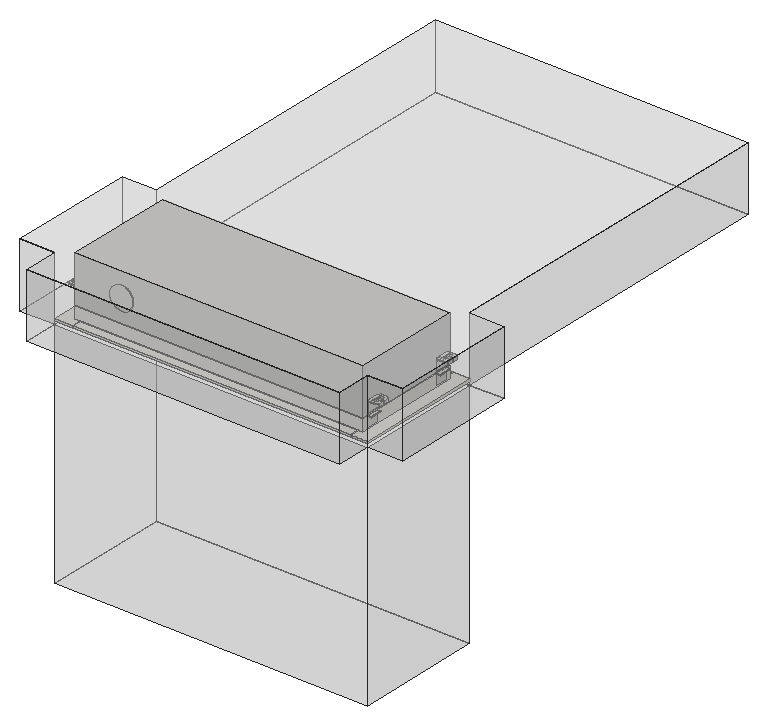
Revit family "outputfile", category 機械設備, Revit 2024
Family settings
  丸型コネクタ寸法 = 半径を使用
  パーツ タイプ = 標準
  OmniClass 番号 = 23.75.10.24.21.27.27
  OmniClass タイトル = Split System Air Conditioning Units
  作業面ベース = いいえ
  常に垂直 = はい
  ロード時にボイドで切り取り = いいえ
  注釈の向きを維持 = いいえ
  共有 = いいえ
  部屋計算ポイント = はい
Parameters (values of type "FXEQ63AV36")
  製造元 = "Daikin"
  書き出し IFC クラス(タイプ) = "IfcUnitaryEquipmentType"
  定義済み IFC タイプ(タイプ) = "AIRCONDITIONINGUNIT"
  モデル = "FXEQ63AV36"
  w_mountinghole = if(Width = 1350 mm, 1303 mm, 903 mm)  # 1303 mm
  w_casing = if(Width = 1350 mm, 1240 mm, 840 mm)  # 1240 mm
  r_OAduct = OA Duct Size Diameter / 2  # 50 mm
  r_Liquid Pipe Size = Liquid Pipe Size / 2  # 4.75 mm
  r_Gas Pipe Size = Gas Pipe Size / 2  # 7.95 mm
  r_Drain Pipe Size = Drain Pipe Size / 2  # 13.0 mm
  lw_powersuply = w_casing / 2 + 1.5 mm  # 621.5 mm
  lw_gaspipe = w_casing / 2 + 65 mm  # 685 mm
  lw_drainpipe = w_casing / 2 + 32 mm  # 652 mm
  lw_liquidpipe = w_casing / 2 + 55 mm  # 675 mm
  lw_OA = if(Width = 1350 mm, 420 mm, 220 mm)  # 420 mm
  lh_powersuply = 129.2 mm
  lh_liquidpipe = 180 mm
  lh_gaspipe = 138 mm
  lh_drainpipe = 215 mm
  lh_OA = 65 mm
  ld_powersuply = 64.2 mm
  ld_liquidpipe = 26 mm
  ld_gaspipe = 72 mm
  ld_drainpipe = 69 mm
  ld_OA = 235 mm
  h_mountinghole = 115 mm
  h_casing = 255 mm
  h_antenna = h_casing - h_mountinghole + 1 mm  # 141 mm
  d_mountinghole = 371 mm
  d_casing = 470 mm
  Width = 1350 mm
  Voltage_comment_50Hz = "220-240"
  Voltage_50Hz = 220 V
  Version = "ver.1.0"
  Unit Type = "Ceiling Mounted Cassette(Single Flow）"
  Unit Mass Weight = 23.00 kg
  Unit Designation [instance] = ""
  Uniclass2015Version = "Products v1.30"
  Uniclass2015Title = "Variable refrigerant flow units"
  Uniclass2015Code = "Pr_70_65_03_94"
  Total Heating Capacity [instance] = 0.000 kW
  Total Cooling Capacity [instance] = 0.000 kW
  Sound Pressure Level_M speed (dBA) = 39
  Sound Pressure Level_L speed (dBA) = 35
  Sound Pressure Level_H speed (dBA) = 43
  Series = "VRV Fan Coil Unit"
  Sensible Cooling Capacity [instance] = 0.000 kW
  Refrigerant Type = "R410A"
  Power Input (Heating) = 0.063 kW
  Power Input (Cooling) = 0.067 kW
  Phase_50Hz = 1
  Option Accessory 3 [instance] = ""
  Option Accessory 2 [instance] = ""
  Option Accessory 1 [instance] = ""
  OA Duct Size Diameter = 100 mm
  Nominal Heating Capacity = 8.000 kW
  Nominal Cooling Capacity = 7.100 kW
  Minimum Circuit Amps_50Hz = 0.7 A
  Minimum Airflow = 588.00 m³/h
  Median Airflow = 732.00 m³/h
  Maximum Fuse Amps_50Hz = 16.0 A
  Maximum Airflow = 900.00 m³/h
  Material_Casing = DAIKIN_GalvanizedSteel_Casing_indoorunit
  Load Classification = HVAC
  Liquid Pipe Size = 9.5 mm
  Link_Nested Family [instance] = ""
  IfcVersion = ""
  IfcExportType = "AIRCONDITIONINGUNIT"
  IfcExportAs = "IfcUnitaryEquipmentType"
  Height = 280 mm
  Heating Entering Wet Bulb Temperature [instance] = 0.00 °C
  Heating Entering Dry Bulb Temperature [instance] = 0.00 °C
  Heating Ambient Wet Bulb Temperature [instance] = 0.00 °C
  Heating Ambient Dry Bulb Temperature [instance] = 0.00 °C
  Heat Exchanger Type = "Cross Fin Coil"
  Gas Pipe Size = 15.9 mm
  Frequency_50Hz = 50 Hz
  Fan Type = "Sirocco Fan"
  Fan Drive = "Direct Drive"
  FCU Tag No. [instance] = ""
  Drain Pipe Size = 26.0 mm
  Design Supply Airflow [instance] = 0.00 m³/h
  Design Outdoor Airflow [instance] = 0.00 m³/h
  Depth = 550 mm
  既定の高さ = 0 mm
  Cooling Entering Wet Bulb Temperature [instance] = 0.00 °C
  Cooling Entering Dry Bulb Temperature [instance] = 0.00 °C
  Cooling Ambient Wet Bulb Temperature [instance] = 0.00 °C
  Cooling Ambient Dry Bulb Temperature [instance] = 0.00 °C
  Clearance visibility [instance] = yes
  Clearance Top = 0 mm
  Clearance Right = 150 mm
  Clearance Rear = 1500 mm
  Clearance Left = 150 mm
  Clearance Front = 150 mm
  Clearance Bottom = 1000 mm
Reference planes
  plane 1 "Center (Front/Back)": y = 0
  plane 2 "ceiling plane": z = 0
  plane 3 "Center (Left/Right)": x = 0
  plane 4 "Back": y = 275
  plane 5 "Front": y = -275
  plane 6 "Left": x = -675
  plane 7 "Right": x = 675
  plane 8 "Top": z = 255
  plane 9 "Bottom": z = -25
  plane 10: x = -620
  plane 11: x = 620
  plane 12: y = 235
  plane 13: y = -235
  plane 14: x = 370
  plane 15: y = 185.5
  plane 16: y = -185.5
  plane 17: x = -651.5
  plane 18: x = 651.5
  plane 19: y = 26
  plane 20: y = 72
  plane 21: y = 69
  plane 22: x = -675
  plane 23: x = -685
  plane 24: x = -652
  plane 25 "Clearance Rear": y = 1775
  plane 26 "Clearance Front": y = -425
  plane 27 "Clearance Left": x = -825
  plane 28 "Clearance Right": x = 825
  plane 29 "Clearance Top": z = 255
  plane 30 "Clearance Bottom": z = -1025
  plane 31: y = -64.2
  plane 32: z = 190
  plane 33: z = 215
  plane 34: y = 69
  plane 35: z = 180
  plane 36: y = 26
  plane 37: z = 138
  plane 38: y = 72
  plane 39: x = -420
Forms (mm)
  Extrusion 1, solid, material "DAIKIN_GalvanizedSteel_Casing_indoorunit" <- "Material_Casing"
    sketch origin (0, 0, 0) x (1, 0, 0) y (0, 1, 0)
      loop
        line (-620, 235) -> (-620, -235) -> (620, -235) -> (620, 235) -> (-620, 235)
    from 55 to 255
  Extrusion 2, solid, material "DAIKIN_GalvanizedSteel_Casing_indoorunit" <- "Material_Casing"
    sketch origin (-1374.64, 235, 1200) x (-1, 0, 0) y (0, 0, 1)
      loop
        circle (-954.64, -1048) r 50
    from -465 to -470
  Extrusion 3, solid, material "DAIKIN_GalvanizedSteel_Casing_indoorunit" <- "Material_Casing"
    sketch origin (-620, 1296.25, 1200) x (0, 1, 0) y (0, 0, 1)
      loop
        line (-1243.249, -1006) -> (-1211.249, -1006)
        arc (-1211.249, -1006) -> (-1207.714, -1004.536) -> (-1206.249, -1001) r 5
        line (-1206.249, -1001) -> (-1206.249, -969)
        arc (-1206.249, -969) -> (-1207.714, -965.464) -> (-1211.249, -964) r 5
        line (-1211.249, -964) -> (-1243.249, -964)
        arc (-1243.249, -964) -> (-1246.785, -965.464) -> (-1248.249, -969) r 5
        line (-1248.249, -969) -> (-1248.249, -1001)
        arc (-1248.249, -1001) -> (-1246.785, -1004.536) -> (-1243.249, -1006) r 5
    from 0 to -3
  Extrusion 4, solid, material "DAIKIN_GalvanizedSteel_Casing_indoorunit" <- "Material_Casing"
    sketch origin (0, 0, 0) x (1, 0, 0) y (0, 0, 1)
      loop
        line (-638.5, 45) -> (-639.7, 45) -> (-639.7, 30.5)
        arc (-639.7, 30.5) -> (-639.202, 29.298) -> (-638, 28.8) r 1.7
        line (-638, 28.8) -> (-620, 28.8) -> (-620, 30) -> (-638.5, 30) -> (-638.5, 45)
    from 40 to 90
  Extrusion 5, solid, material "DAIKIN_GalvanizedSteel_Casing_indoorunit" <- "Material_Casing"
    sketch origin (0, 0, 0) x (1, 0, 0) y (0, 0, 1)
      loop
        line (-638.5, 31) -> (-637.5, 31) -> (-637.5, 90.772)
        arc (-637.5, 90.772) -> (-637.145, 91.289) -> (-636.535, 91.145) r 0.555
        line (-636.535, 91.145) -> (-628.37, 82.164) -> (-627.63, 82.836) -> (-628.303, 83.576) -> (-635.89, 91.922)
        arc (-635.89, 91.922) -> (-637.541, 92.312) -> (-638.5, 90.913) r 1.5
        line (-638.5, 90.913) -> (-638.5, 31)
    from 40 to 90
  Extrusion 6, solid, material "DAIKIN_GalvanizedSteel_Casing_indoorunit" <- "Material_Casing"
    sketch origin (-620, 1296.25, 1200) x (0, 1, 0) y (0, 0, 1)
      loop
        circle (-1360.45, -1070.8) r 17.5
      loop
        circle (-1415.45, -1105.8) r 17.5
    from 0 to -1.5
  Extrusion 7, solid
    sketch origin (-265.5, 334.5, 0) x (0, 1, 0) y (0, 0, 1)
      loop
        circle (-265.5, 215) r 13
    from -354.5 to -386.5
  Extrusion 8, solid
    sketch origin (-620, 1296.25, 1200) x (0, 1, 0) y (0, 0, 1)
      loop
        circle (-1270.25, -1020) r 4.75
    from 0 to -55
  Extrusion 9, solid
    sketch origin (7, 137, 0) x (0, 1, 0) y (0, 0, 1)
      loop
        circle (-65, 138) r 7.95
    from -627 to -692
  Extrusion 10, solid, material "DAIKIN_GalvanizedSteel_Casing_indoorunit" <- "Material_Casing"
    sketch origin (-620, 1296.25, 1200) x (0, 1, 0) y (0, 0, 1)
      loop
        line (-1239.914, -1060.321) -> (-1240.938, -1060.321)
        arc (-1240.938, -1060.321) -> (-1241.786, -1060.672) -> (-1242.138, -1061.521) r 1.2
        line (-1242.138, -1061.521) -> (-1242.138, -1062.819) -> (-1250.138, -1062.821) -> (-1250.138, -1017.143)
        arc (-1250.138, -1017.143) -> (-1250.43, -1016.436) -> (-1251.138, -1016.143) r 1
        line (-1251.138, -1016.143) -> (-1257.415, -1016.143)
        arc (-1257.415, -1016.143) -> (-1258.122, -1016.436) -> (-1258.415, -1017.143) r 1
        line (-1258.415, -1017.143) -> (-1258.415, -1020)
        arc (-1258.415, -1020) -> (-1270.25, -1031.835) -> (-1282.086, -1020) r 11.835
        line (-1282.086, -1020) -> (-1282.086, -1017.143)
        arc (-1282.086, -1017.143) -> (-1282.379, -1016.436) -> (-1283.086, -1016.143) r 1
        line (-1283.086, -1016.143) -> (-1306.138, -1016.143)
        arc (-1306.138, -1016.143) -> (-1308.259, -1017.022) -> (-1309.138, -1019.143) r 3
        line (-1309.138, -1019.143) -> (-1309.138, -1145) -> (-1189.638, -1145) -> (-1189.638, -1063.321)
        arc (-1189.638, -1063.321) -> (-1190.516, -1061.199) -> (-1192.638, -1060.321) r 3
        line (-1192.638, -1060.321) -> (-1209.75, -1060.321) -> (-1209.75, -1062)
        arc (-1209.75, -1062) -> (-1224.485, -1076.498) -> (-1238.743, -1061.53) r 14.5
        arc (-1238.743, -1061.53) -> (-1239.072, -1060.677) -> (-1239.914, -1060.321) r 1.172
    from 0 to -1
Dimensions and locks
  "Width": plane 6 "Left" to plane 7 "Right"
  "Depth": plane 4 "Back" to plane 5 "Front"
  "Height": plane 8 "Top" to plane 9 "Bottom"
  equal spacing: plane 12, plane 1 "Center (Front/Back)", plane 13
  "d_casing": plane 12 to plane 13
  equal spacing: plane 6 "Left", plane 3 "Center (Left/Right)", plane 7 "Right"
  "w_casing": plane 10 to plane 11
  locked: plane 14 to plane 11 at 250
  "h_casing": plane 8 "Top" to level
  equal spacing: plane 15, plane 1 "Center (Front/Back)", plane 16
  "d_mountinghole": plane 15 to plane 16
  equal spacing: plane 17, plane 3 "Center (Left/Right)", plane 18
  "w_mountinghole": plane 17 to plane 18
  "ld_liquidpipe": plane 1 "Center (Front/Back)" to plane 19
  "ld_gaspipe": plane 1 "Center (Front/Back)" to plane 20
  "ld_drainpipe": plane 1 "Center (Front/Back)" to plane 21
  "Clearance Left": plane 27 "Clearance Left" to plane 6 "Left"
  "Clearance Right": plane 7 "Right" to plane 28 "Clearance Right"
  "Clearance Front": plane 5 "Front" to plane 26 "Clearance Front"
  "Clearance Rear": plane 25 "Clearance Rear" to plane 4 "Back"
  "Clearance Top": plane 29 "Clearance Top" to plane 8 "Top"
  "Clearance Bottom": plane 9 "Bottom" to plane 30 "Clearance Bottom"
  "lh_OA": plane 29 "Clearance Top" to plane 32
  equal spacing: plane 4 "Back", plane 1 "Center (Front/Back)", plane 5 "Front"
  equal spacing: plane 10, plane 3 "Center (Left/Right)", plane 11
  "lw_OA": plane 3 "Center (Left/Right)" to Extrusion 2 sketch curve
  Extrusion 2 sketch curve to level = 152 mm
  locked: plane 10 to Extrusion 4 sketch curve at 18.5
  locked: Extrusion 4 sketch curve to Extrusion 4 sketch curve at 1.2
  locked: Extrusion 4 to Extrusion 5 sketch curve at 1
  "ld_powersuply": plane 31 to plane 1 "Center (Front/Back)"
  "lw_drainpipe": plane 24 to plane 3 "Center (Left/Right)"
  "ld_drainpipe": plane 34 to plane 1 "Center (Front/Back)"
  locked: Extrusion 7 sketch curve to level at 215
  "lw_liquidpipe": plane 22 to plane 3 "Center (Left/Right)"
  "lw_gaspipe": plane 23 to plane 3 "Center (Left/Right)"
  "lw_OA": plane 39 to plane 3 "Center (Left/Right)"
  "r_Drain Pipe Size": radius of Extrusion 7 sketch curve
  "r_Liquid Pipe Size": radius of Extrusion 8 sketch curve
  "r_Gas Pipe Size": radius of Extrusion 9 sketch curve
  aligned and locked: level to plane 2 "ceiling plane"
  aligned and locked: plane 6 "Left" to nested 1
  aligned and locked: plane 9 "Bottom" to nested 1
  aligned and locked: Extrusion 1 sketch curve to plane 10
  aligned and locked: plane 12 to Extrusion 1 sketch curve
  aligned and locked: Extrusion 1 sketch curve to plane 13
  aligned and locked: plane 11 to Extrusion 1 sketch curve
  aligned and locked: plane 8 "Top" to Extrusion 1
  aligned and locked: plane 11 to nested 2
  aligned and locked: plane 10 to nested 3
  aligned and locked: nested 7 to plane 15
  aligned and locked: plane 18 to nested 7
  aligned and locked: nested 6 to plane 16
  aligned and locked: plane 18 to nested 6
  aligned and locked: nested 4 to plane 15
  aligned and locked: plane 17 to nested 4
  aligned and locked: nested 5 to plane 16
  aligned and locked: plane 17 to nested 5
  aligned and locked: plane 1 "Center (Front/Back)" to nested 8
  aligned and locked: plane 3 "Center (Left/Right)" to nested 8
  aligned and locked: plane 29 "Clearance Top" to nested 8
  aligned and locked: plane 1 "Center (Front/Back)" to nested 1
  aligned and locked: plane 3 "Center (Left/Right)" to nested 1
  aligned and locked: nested 3 to plane 15
  aligned and locked: nested 9 to plane 16
  aligned and locked: plane 10 to nested 9
  aligned and locked: plane 15 to nested 2
  aligned and locked: plane 16 to nested 10
  aligned and locked: plane 11 to nested 10
  aligned and locked: Extrusion 2 to plane 13
  aligned and locked: Extrusion 4 sketch curve to plane 10
  aligned and locked: Extrusion 4 to Extrusion 5 sketch curve
  aligned and locked: plane 3 "Center (Left/Right)" to nested 11
  aligned and locked: nested 12 to plane 3 "Center (Left/Right)"
  aligned and locked: plane 34 to Extrusion 7 sketch curve
  aligned and locked: Extrusion 7 to plane 24
  aligned and locked: plane 10 to Extrusion 7
  aligned and locked: nested 13 to plane 19
  aligned and locked: nested 13 to plane 3 "Center (Left/Right)"
  aligned and locked: plane 35 to Extrusion 8 sketch curve
  aligned and locked: plane 36 to Extrusion 8 sketch curve
  aligned and locked: Extrusion 8 to plane 22
  aligned and locked: nested 14 to plane 3 "Center (Left/Right)"
  aligned and locked: plane 37 to Extrusion 9 sketch curve
  aligned and locked: plane 38 to Extrusion 9 sketch curve
  aligned and locked: Extrusion 9 to plane 23
  aligned and locked: plane 10 to Extrusion 9
  aligned and locked: plane 39 to nested 15
  aligned and locked: plane 1 "Center (Front/Back)" to nested 15
Automatic sketch dimensions
  Extrusion 3 sketch curve to plane 1 "Center (Front/Back)" = 48.001 mm
  Extrusion 3 sketch curve to Extrusion 3 sketch curve = 5 mm  (x3)
  plane 32 to Extrusion 3 sketch curve = 4 mm
  Extrusion 3 sketch curve to Extrusion 3 sketch curve = 32 mm
  Extrusion 3 sketch curve to Extrusion 3 sketch curve = 0 mm
  Extrusion 3 sketch curve to plane 8 "Top" = 24 mm
  plane 17 to Extrusion 4 sketch curve = 13.5 mm
  level to Extrusion 4 sketch curve = 28.8 mm
  Extrusion 4 sketch curve to Extrusion 4 sketch curve = 0.5 mm
  Extrusion 4 sketch curve to Extrusion 4 sketch curve = 14.5 mm
  Extrusion 5 sketch curve to Extrusion 5 sketch curve = 0.5 mm
  Extrusion 5 sketch curve to Extrusion 5 sketch curve = 0.055 mm
  Extrusion 5 sketch curve to Extrusion 5 sketch curve = 0.465 mm
  Extrusion 5 sketch curve to Extrusion 5 sketch curve = 0.645 mm
  Extrusion 5 sketch curve to plane 10 = 8.37 mm
  Extrusion 5 sketch curve to Extrusion 5 sketch curve = 0.067 mm
  Extrusion 5 sketch curve to Extrusion 5 sketch curve = 0.673 mm  (x2)
  level to Extrusion 5 sketch curve = 31 mm
  Extrusion 5 sketch curve to Extrusion 5 sketch curve = 51.164 mm
  Extrusion 5 sketch curve to Extrusion 5 sketch curve = 0.74 mm
  Extrusion 5 sketch curve to Extrusion 5 sketch curve = 0.141 mm
  Extrusion 10 sketch curve to plane 19 = 0 mm
  Extrusion 10 sketch curve to plane 20 = 0 mm
  Extrusion 10 sketch curve to Extrusion 10 sketch curve = 11.835 mm
  Extrusion 10 sketch curve to Extrusion 10 sketch curve = 1 mm  (x2)
  Extrusion 10 sketch curve to plane 32 = 6.143 mm
  plane 1 "Center (Front/Back)" to Extrusion 10 sketch curve = 9.887 mm
  plane 1 "Center (Front/Back)" to Extrusion 10 sketch curve = 12.887 mm
  Extrusion 10 sketch curve to Extrusion 10 sketch curve = 6.277 mm
  plane 19 to Extrusion 10 sketch curve = 20.113 mm
  Extrusion 10 sketch curve to Extrusion 10 sketch curve = 8 mm
  Extrusion 10 sketch curve to Extrusion 10 sketch curve = 1.2 mm
  Extrusion 10 sketch curve to Extrusion 10 sketch curve = 1.024 mm
  Extrusion 10 sketch curve to Extrusion 10 sketch curve = 0 mm  (x3)
  plane 20 to Extrusion 10 sketch curve = 14.5 mm
  Extrusion 10 sketch curve to Extrusion 10 sketch curve = 17.113 mm
  Extrusion 10 sketch curve to Extrusion 10 sketch curve = 3 mm
  Extrusion 10 sketch curve to plane 32 = 10 mm
  Extrusion 10 sketch curve to Extrusion 10 sketch curve = 40.321 mm
  Extrusion 10 sketch curve to Extrusion 10 sketch curve = 1.172 mm
  Extrusion 10 sketch curve to Extrusion 10 sketch curve = 1.679 mm
  Extrusion 10 sketch curve to Extrusion 10 sketch curve = 1.298 mm
  Extrusion 10 sketch curve to Extrusion 10 sketch curve = 0.002 mm
  level to Extrusion 10 sketch curve = 55 mm
  Extrusion 10 sketch curve to Extrusion 10 sketch curve = 2.857 mm
  radius of Extrusion 2 sketch curve = 50 mm
Nested families
  nested 1: "daikin_round flow_panel" at (0, 0, 0), type "fresh white"
    with width 1350 mm, w_casing 1240 mm, W 1350 mm, L 208 mm
  nested 2: "daikin_hangerfixture_FXEQ-AV36" at (620, 185.5, 115) x (0, 1, 0) z (0, 0, 1), built-in parameter 1001364 <- "h_mountinghole", type "daikin_hangerfixture_FXEQ-AV36"
  nested 3: "daikin_hangerfixture_FXEQ-AV36" at (-620, 185.5, 115) x (0, 1, 0) z (0, 0, 1), built-in parameter 1001364 <- "h_mountinghole", type "daikin_hangerfixture_FXEQ-AV36"
  nested 4: "daikin_mountinghole" at (-651.5, 185.5, 0), l_antenna <- "h_antenna", Link_Nested Family <- "Link_Nested Family", h_mountinghole <- "h_mountinghole", type "daikin_mountinghole"
    with show yes, l_antenna 141 mm, h_mountinghole 115 mm, Link_Nested Family ""
  nested 5: "daikin_mountinghole" at (-651.5, -185.5, 0), l_antenna <- "h_antenna", Link_Nested Family <- "Link_Nested Family", h_mountinghole <- "h_mountinghole", type "daikin_mountinghole"
    with show yes, l_antenna 141 mm, h_mountinghole 115 mm, Link_Nested Family ""
  nested 6: "daikin_mountinghole" at (651.5, -185.5, 0), l_antenna <- "h_antenna", Link_Nested Family <- "Link_Nested Family", h_mountinghole <- "h_mountinghole", type "daikin_mountinghole"
    with show yes, l_antenna 141 mm, h_mountinghole 115 mm, Link_Nested Family ""
  nested 7: "daikin_mountinghole" at (651.5, 185.5, 0), l_antenna <- "h_antenna", Link_Nested Family <- "Link_Nested Family", h_mountinghole <- "h_mountinghole", type "daikin_mountinghole"
    with show yes, l_antenna 141 mm, h_mountinghole 115 mm, Link_Nested Family ""
  nested 8: "daikin_clearancespace_cassette" at (0, 0, 115), depth_outline <- "Depth", height_outline <- "Height", width_outline <- "Width", depth_front <- "Clearance Front", depth_rear <- "Clearance Rear", height_bottom <- "Clearance Bottom", height_top <- "Clearance Top", width_left <- "Clearance Left", width_right <- "Clearance Right", show <- "Clearance visibility", visible <- "Clearance visibility", Link_Nested Family <- "Link_Nested Family", type "daikin_clearancespace_cassette"
    with width_right 150 mm, width_outline 1350 mm, width_left 150 mm, width 1823.963 mm, show yes, height_top 0 mm, height_outline 280 mm, height_bottom 1000 mm, height 1359.762 mm, depth_rear 1500 mm, depth_outline 550 mm, depth_front 150 mm, depth 880 mm, Link_Nested Family ""
  nested 9: "daikin_hangerfixture_FXEQ-AV36" at (-620, -185.5, 115) x (0, 1, 0) z (0, 0, 1), built-in parameter 1001364 <- "h_mountinghole", type "daikin_hangerfixture_FXEQ-AV36"
  nested 10: "daikin_hangerfixture_FXEQ-AV36" at (620, -185.5, 115) x (0, 1, 0) z (0, 0, 1), built-in parameter 1001364 <- "h_mountinghole", type "daikin_hangerfixture_FXEQ-AV36"
  nested 11: "daikin_connector_rotate2" at (0, -64.2, 129.2) x (0, 1, 0) z (0, 0, 1), length <- "lw_powersuply", built-in parameter 1001364 <- "lh_powersuply", type "daikin_connector_rotate2"
    with radius 10 mm, length 621.5 mm, angle_vertical 90.00°
  nested 12: "daikin_connector_rotate2" at (0, 69, 215) x (0, -1, 0) z (0, 0, 1), built-in parameter 1001364 <- "lh_drainpipe", radius <- "r_Drain Pipe Size", length <- "lw_drainpipe", type "daikin_connector_rotate2"
    with radius 13 mm, length 652 mm, angle_vertical 90.00°
  nested 13: "daikin_connector_rotate2" at (0, 26, 180) x (0, -1, 0) z (0, 0, 1), built-in parameter 1001364 <- "lh_liquidpipe", radius <- "r_Liquid Pipe Size", length <- "lw_liquidpipe", type "daikin_connector_rotate2"
    with radius 4.75 mm, length 675 mm, angle_vertical 90.00°
  nested 14: "daikin_connector_rotate2" at (0, 72, 138) x (0, -1, 0) z (0, 0, 1), built-in parameter 1001364 <- "lh_gaspipe", radius <- "r_Gas Pipe Size", length <- "lw_gaspipe", type "daikin_connector_rotate2"
    with radius 7.95 mm, length 685 mm, angle_vertical 90.00°
  nested 15: "daikin_connector_rotate2" at (-420, 0, 152), radius <- "r_OAduct", length <- "ld_OA", type "daikin_connector_rotate2"
    with radius 50 mm, length 235 mm, angle_vertical 90.00°
Connectors
  electrical at (-621.5, -64.2, 129.2), driven by "Load Classification"
    settings: on nested 11, index 6, voltage 0 V, apparent load 0 VA, apparent load phase1 0 VA, apparent load phase2 0 VA, apparent load phase3 0 VA, power factor 1, load classification "HVAC", number of poles 1, system type 30, power factor state 1, is connector primary yes, connector utility no, sub classification motor no, connector description "Power Supply"
  piping at (-652, 69, 215), diameter 26, driven by "r_Drain Pipe Size"
    settings: on nested 12, index 7, connector inside diameter 609.6 mm, connector length 0 mm, flow factor 0, pipe flow 0.00 m³/h, pressure drop 0.0 Pa, fitting loss kfactor 0, connector angle 0.00°, fixture units 0, engagement length 0 mm, angle of deflection 0.00°, flow configuration 1, flow direction 2, fitting loss method 4, system type 16, joint type 0, gender type 0, connector reference index -1, connector utility 0, adjustable connector no, is connector primary yes, connector description "Condensate Drain Piping"
  piping at (-675, 26, 180), diameter 9.5, driven by "r_Liquid Pipe Size"
    settings: on nested 13, index 8, connector inside diameter 609.6 mm, connector length 0 mm, flow factor 0, pipe flow 0.00 m³/h, pressure drop 0.0 Pa, fitting loss kfactor 0, connector angle 0.00°, fixture units 0, engagement length 0 mm, angle of deflection 0.00°, flow configuration 1, flow direction 1, fitting loss method 0, system type 29, joint type 0, gender type 0, connector reference index -1, connector utility 0, adjustable connector no, is connector primary no, connector description "Refrigerant Liquid Piping"
  hvac at (-420, -235, 152), driven by "r_OAduct"
    settings: on Extrusion 2, index 9, duct flow 0.00 m³/h, flow factor 0, pres drop 0.00 Pa, loss coef 0, conn angle 0.00°, conn width 304.8 mm, conn height 304.8 mm, conn diameter 100.0 mm, duct sys type 1, conn prof type 0, flow config 0, flow direction 1, loss method 4, conn ref index -1, conn util no, is conn primary yes, conn desc "OA Duct"
  piping at (-685, 72, 138), diameter 15.9, driven by "r_Gas Pipe Size"
    settings: on nested 14, index 10, connector inside diameter 609.6 mm, connector length 0 mm, flow factor 0, pipe flow 0.00 m³/h, pressure drop 0.0 Pa, fitting loss kfactor 0, connector angle 0.00°, fixture units 0, engagement length 0 mm, angle of deflection 0.00°, flow configuration 1, flow direction 2, fitting loss method 0, system type 29, joint type 0, gender type 0, connector reference index -1, connector utility 0, adjustable connector no, is connector primary no, connector description "Refrigerant Gas Piping"
Definition of nested family "daikin_round flow_panel"
  Parameters (values of type "fresh white")
    width = if(W = 950 mm, 950 mm, 1350 mm)  # 950 mm
    w_casing = width - 110 mm  # 840 mm
    material_panel = none
    material_casing = none
    height = 50 mm
    depth = 550 mm  # constant formula
    d_casing = 470 mm  # constant formula
    W = 950 mm
    Default Elevation = 0 mm
    L = if(W = 950 mm, 170 mm, 208 mm)  # 170 mm
  Reference planes
    plane 1 "Center (Front/Back)": y = 0
    plane 2: z = 0
    plane 3 "Center (Left/Right)": x = 0
    plane 4: y = 275
    plane 5: y = -275
    plane 6: x = -475
    plane 7: x = 475
    plane 8 "Bottom": z = -25
    plane 9: y = 235
    plane 10: y = -235
    plane 11: x = -420
    plane 12: x = 420
    plane 13: z = 50
    plane 14: x = -305
  Forms (mm)
    Extrusion 1, solid, material <- "material_panel"
      sketch origin (0, 0, 0) x (1, 0, 0) y (0, 0, 1)
        loop
          line (-400, -25) -> (-400, 0) -> (-475, 0) -> (-475, -8.325)
          arc (-475, -8.325) -> (-438.157, -19.618) -> (-400, -25) r 245.193
        loop
          arc (400, -25) -> (438.157, -19.618) -> (475, -8.325) r 245.193
          line (475, -8.325) -> (475, 0) -> (400, 0) -> (400, -25)
      from -275 to 275
    Extrusion 2, solid, material <- "material_panel"
      sketch origin (0, 0, 0) x (1, 0, 0) y (0, 0, 1)
        loop
          line (-400, 0) -> (-400, -17.308) -> (400, -17.303) -> (400, 0) -> (-400, 0)
      from 235 to 275
    Extrusion 3, solid, material <- "material_panel"
      sketch origin (0, 510, 0) x (1, 0, 0) y (0, 0, 1)
        loop
          line (-400, 0) -> (-400, -17.308) -> (400, -17.303) -> (400, 0) -> (-400, 0)
      from 235 to 275
    Extrusion 4, solid, material <- "material_panel"
      sketch origin (0, 0, 0) x (1, 0, 0) y (0, 0, 1)
        loop
          line (-400, 0) -> (-400, -23) -> (400, -23) -> (400, 0) -> (-400, 0)
      from 5 to 235
    Extrusion 5, solid, material <- "material_panel"
      sketch origin (0, 0, 0) x (1, 0, 0) y (0, 0, 1)
        loop
          line (-400, 0) -> (-400, -25) -> (400, -25) -> (400, 0) -> (-400, 0)
      from 5 to -150
    Extrusion 6, solid, material <- "material_panel"
      sketch origin (0, 0, 0) x (1, 0, 0) y (0, 1, 0)
        loop
          line (-400, 235) -> (-400, 179) -> (-305, 179) -> (-305, 235) -> (-400, 235)
      from 0 to -17.308
    Extrusion 7, solid, material <- "material_panel"
      sketch origin (0, 0, 0) x (1, 0, 0) y (0, 1, 0)
        loop
          line (-400, 179) -> (-400, 150) -> (-305, 150) -> (-305, 179) -> (-400, 179)
      from 0 to -17.3
    Extrusion 8, solid, material <- "material_panel"
      sketch origin (0, 0, 0) x (1, 0, 0) y (0, 1, 0)
        loop
          line (-305, 235) -> (-305, 202.5) -> (400, 202.5) -> (400, 235) -> (-305, 235)
      from 0 to -17.3
    Extrusion 9, solid, material <- "material_panel"
      sketch origin (0, 0, 0) x (1, 0, 0) y (0, 1, 0)
        loop
          line (-305, 202.5) -> (-305, 179) -> (400, 179) -> (400, 202.5) -> (-305, 202.5)
      from 0 to -17.3
    Extrusion 10, solid, material <- "material_panel"
      sketch origin (0, 0, 0) x (1, 0, 0) y (0, 1, 0)
        loop
          line (-420, 235) -> (-420, -235) -> (420, -235) -> (420, 235) -> (-420, 235)
      from 0 to 50
    Extrusion 11, void
      sketch origin (0, 0, 0) x (0, 1, 0) y (0, 0, 1)
        loop
          line (-275, -7.476) -> (-275, -25) -> (-152.477, -25)
          arc (-152.477, -25) -> (-214.362, -20.597) -> (-275, -7.476) r 437.093
        loop
          arc (275, -7.476) -> (214.362, -20.597) -> (152.477, -25) r 437.093
          line (152.477, -25) -> (275, -25) -> (275, -7.476)
      from 475 to -475
  Cuts and joins
    Extrusion 11 cuts Extrusion 2
    Extrusion 11 cuts Extrusion 3
    Extrusion 11 cuts Extrusion 4
    Extrusion 11 cuts Extrusion 1
  Dimensions and locks
    "width": plane 6 to plane 7
    "depth": plane 4 to plane 5
    equal spacing: plane 6, plane 3 "Center (Left/Right)", plane 7
    equal spacing: plane 4, plane 1 "Center (Front/Back)", plane 5
    equal spacing: plane 9, plane 1 "Center (Front/Back)", plane 10
    "d_casing": plane 9 to plane 10
    equal spacing: plane 11, plane 3 "Center (Left/Right)", plane 12
    "w_casing": plane 11 to plane 12
    locked: level to plane 8 "Bottom" at 25
    "height": plane 13 to level
    locked: Extrusion 1 sketch curve to Extrusion 1 sketch curve at 75  (x2)
    locked: plane 9 to Extrusion 6 sketch curve at 56
    "L": plane 6 to plane 14
    aligned and locked: level to plane 2
    aligned and locked: Extrusion 1 sketch curve to level
    aligned and locked: level to Extrusion 1 sketch curve
    aligned and locked: plane 4 to Extrusion 1
    aligned and locked: Extrusion 1 to plane 5
    aligned and locked: Extrusion 1 to plane 6
    aligned and locked: plane 7 to Extrusion 1
    aligned and locked: Extrusion 2 sketch curve to level
    aligned and locked: Extrusion 1 to Extrusion 2 sketch curve
    aligned and locked: Extrusion 2 sketch curve to Extrusion 1
    aligned and locked: plane 4 to Extrusion 3
    aligned and locked: Extrusion 3 to plane 9
    aligned and locked: Extrusion 4 sketch curve to Extrusion 1
    aligned and locked: Extrusion 1 to Extrusion 4 sketch curve
    aligned and locked: Extrusion 4 to plane 10
    aligned and locked: Extrusion 5 sketch curve to level
    aligned and locked: plane 8 "Bottom" to Extrusion 5 sketch curve
    aligned and locked: Extrusion 5 sketch curve to Extrusion 1  (x2)
    aligned and locked: Extrusion 6 sketch curve to plane 9
    aligned and locked: Extrusion 1 to Extrusion 7 sketch curve
    aligned and locked: Extrusion 7 sketch curve to plane 14
    aligned and locked: Extrusion 6 to Extrusion 7 sketch curve
    aligned and locked: Extrusion 5 to Extrusion 7 sketch curve
    aligned and locked: Extrusion 8 sketch curve to plane 9
    aligned and locked: plane 14 to Extrusion 8 sketch curve
    aligned and locked: Extrusion 1 to Extrusion 8 sketch curve
    aligned and locked: plane 14 to Extrusion 9 sketch curve
    aligned and locked: Extrusion 9 sketch curve to Extrusion 8
    aligned and locked: Extrusion 9 sketch curve to Extrusion 7
    aligned and locked: Extrusion 1 to Extrusion 9 sketch curve
    aligned and locked: plane 14 to Extrusion 6
    aligned and locked: plane 11 to Extrusion 10 sketch curve
    aligned and locked: Extrusion 10 sketch curve to plane 12
    aligned and locked: plane 10 to Extrusion 10 sketch curve
    aligned and locked: Extrusion 10 sketch curve to plane 9
    aligned and locked: plane 13 to Extrusion 10
    aligned and locked: plane 8 "Bottom" to Extrusion 1 sketch curve  (x2)
    aligned and locked: Extrusion 11 sketch curve to plane 8 "Bottom"
    aligned and locked: Extrusion 11 sketch curve to plane 5
    aligned and locked: plane 7 to Extrusion 11
    aligned and locked: Extrusion 11 to plane 6
  Automatic sketch dimensions
    Extrusion 1 sketch curve to plane 6 = 0 mm
    Extrusion 1 sketch curve to plane 7 = 0 mm
    plane 11 to Extrusion 1 sketch curve = 35.058 mm
    Extrusion 1 sketch curve to plane 12 = 35.058 mm
    Extrusion 1 sketch curve to level = 8.325 mm  (x2)
    plane 8 "Bottom" to Extrusion 2 sketch curve = 7.697 mm
    plane 8 "Bottom" to Extrusion 2 sketch curve = 7.692 mm
    Extrusion 3 sketch curve to level = 0 mm
    plane 8 "Bottom" to Extrusion 3 sketch curve = 7.692 mm
    plane 11 to Extrusion 3 sketch curve = 20 mm
    plane 8 "Bottom" to Extrusion 3 sketch curve = 7.697 mm
    Extrusion 3 sketch curve to plane 12 = 20 mm
    Extrusion 4 sketch curve to level = 0 mm
    plane 8 "Bottom" to Extrusion 4 sketch curve = 2 mm
    plane 11 to Extrusion 6 sketch curve = 20 mm
    Extrusion 6 sketch curve to Extrusion 6 sketch curve = 95 mm
    Extrusion 8 sketch curve to plane 9 = 32.5 mm
    Extrusion 11 sketch curve to plane 8 "Bottom" = 0 mm
    Extrusion 11 sketch curve to plane 4 = 0 mm
    plane 10 to Extrusion 11 sketch curve = 82.523 mm
    Extrusion 11 sketch curve to plane 9 = 82.523 mm
    Extrusion 11 sketch curve to level = 7.476 mm  (x2)
Definition of nested family "daikin_hangerfixture_FXEQ-AV36"
  Parameters (values of type "daikin_hangerfixture_FXEQ-AV36")
    width = 495 mm
    material = none
    height = 40 mm
    depth = 40 mm
    Default Elevation = 0 mm
  Reference planes
    plane 1 "Center (Front/Back)": y = 0
    plane 2: z = 0
    plane 3 "Center (Left/Right)": x = 0
  Forms (mm)
    Extrusion 1, solid, material <- "material"
      sketch origin (0, 0, 0) x (0, 1, 0) y (0, 0, 1)
        loop
          line (-49.5, -1.6) -> (-17, -1.6) -> (-14, -4.6) -> (-4.6, -4.6) -> (-4.6, -51.598) -> (-1.601, -54.597) -> (-1.6, -60) -> (-17, -60) -> (-17, -61.598) -> (0, -61.598) -> (0, 0) -> (-51.1, 0) -> (-51.1, -11.6) -> (-49.5, -11.6) -> (-49.5, -1.6)
      from -32.001 to 31.999
    Extrusion 2, void
      sketch origin (0, 0, 0) x (1, 0, 0) y (0, 1, 0)
        loop
          arc (-12.501, -25.5) -> (-18.501, -31.5) -> (-12.501, -37.5) r 6
          line (-12.501, -37.5) -> (-6.501, -37.5) -> (-6.501, -51.1) -> (6.499, -51.1) -> (6.499, -37.5) -> (12.499, -37.5)
          arc (12.499, -37.5) -> (18.499, -31.5) -> (12.499, -25.5) r 6
          line (12.499, -25.5) -> (-12.501, -25.5)
        loop
          line (-25.001, 0) -> (-32.001, 0) -> (-32.001, -14) -> (-25.001, -7.5) -> (-25.001, 0)
        loop
          line (24.999, 0) -> (24.999, -7.5) -> (31.999, -14) -> (31.999, 0) -> (24.999, 0)
        loop
          line (22.999, -49.5) -> (22.999, -51.1) -> (31.999, -51.1) -> (31.999, -28.715)
          arc (31.999, -28.715) -> (29.652, -40.04) -> (22.999, -49.5) r 28.5
        loop
          line (-32.001, -28.715) -> (-32.001, -51.1) -> (-23.001, -51.1) -> (-23.001, -49.5)
          arc (-23.001, -49.5) -> (-29.654, -40.04) -> (-32.001, -28.715) r 28.5
      from -61.6 to 0
    Extrusion 3, solid, material <- "material"
      sketch origin (0, 0, 0) x (0, 1, 0) y (0, 0, 1)
        loop
          line (0, -61.598) -> (-20, -61.598) -> (-20, -63.198) -> (-1.6, -63.198) -> (-1.6, -107.598) -> (0, -107.598) -> (0, -61.598)
      from -24.998 to 25.002
    Extrusion 4, void
      sketch origin (0, 0, 0) x (1, 0, 0) y (0, 0, 1)
        loop
          line (24.999, -59.998) -> (24.999, -61.598) -> (31.999, -61.598) -> (31.999, -59.998) -> (24.999, -59.998)
        loop
          line (-25.001, -59.998) -> (-32.001, -59.998) -> (-32.001, -61.598) -> (-25.001, -61.598) -> (-25.001, -59.998)
      from 0 to 17
  Cuts and joins
    Extrusion 2, Extrusion 4 cuts Extrusion 1
  Dimensions and locks
    aligned and locked: level to plane 2
    aligned and locked: level to Extrusion 2
  Automatic sketch dimensions
    Extrusion 1 sketch curve to level = 0 mm
    Extrusion 1 sketch curve to plane 1 "Center (Front/Back)" = 0 mm
    plane 1 "Center (Front/Back)" to Extrusion 1 sketch curve = 1.6 mm
    plane 1 "Center (Front/Back)" to Extrusion 1 sketch curve = 1.601 mm
    Extrusion 1 sketch curve to Extrusion 1 sketch curve = 2.999 mm  (x2)
    Extrusion 1 sketch curve to level = 4.6 mm
    Extrusion 1 sketch curve to Extrusion 1 sketch curve = 9.4 mm
    Extrusion 1 sketch curve to Extrusion 1 sketch curve = 15.4 mm
    Extrusion 1 sketch curve to level = 1.6 mm
    Extrusion 1 sketch curve to Extrusion 1 sketch curve = 3 mm
    Extrusion 1 sketch curve to Extrusion 1 sketch curve = 32.5 mm
    Extrusion 1 sketch curve to Extrusion 1 sketch curve = 1.6 mm
    Extrusion 1 sketch curve to Extrusion 1 sketch curve = 10 mm
    Extrusion 1 sketch curve to Extrusion 1 sketch curve = 46.998 mm
    Extrusion 1 sketch curve to Extrusion 1 sketch curve = 5.403 mm
    Extrusion 1 sketch curve to Extrusion 1 sketch curve = 1.598 mm
    plane 1 "Center (Front/Back)" to Extrusion 2 sketch curve = 0 mm  (x2)
    Extrusion 2 sketch curve to plane 3 "Center (Left/Right)" = 32.001 mm
    Extrusion 2 sketch curve to Extrusion 2 sketch curve = 0 mm
    plane 1 "Center (Front/Back)" to Extrusion 2 sketch curve = 7.5 mm  (x2)
    Extrusion 2 sketch curve to Extrusion 2 sketch curve = 7 mm  (x2)
    Extrusion 2 sketch curve to Extrusion 2 sketch curve = 9 mm  (x3)
    Extrusion 2 sketch curve to plane 3 "Center (Left/Right)" = 12.501 mm
    Extrusion 2 sketch curve to plane 3 "Center (Left/Right)" = 6.501 mm
    Extrusion 2 sketch curve to plane 3 "Center (Left/Right)" = 3.501 mm
    plane 3 "Center (Left/Right)" to Extrusion 2 sketch curve = 3.499 mm
    plane 3 "Center (Left/Right)" to Extrusion 2 sketch curve = 6.499 mm
    plane 3 "Center (Left/Right)" to Extrusion 2 sketch curve = 24.999 mm
    Extrusion 2 sketch curve to Extrusion 2 sketch curve = 6.5 mm  (x2)
    Extrusion 2 sketch curve to Extrusion 2 sketch curve = 18 mm
    Extrusion 2 sketch curve to Extrusion 2 sketch curve = 3.215 mm
    Extrusion 2 sketch curve to Extrusion 2 sketch curve = 14.715 mm
    Extrusion 2 sketch curve to Extrusion 2 sketch curve = 6 mm  (x2)
    Extrusion 2 sketch curve to Extrusion 2 sketch curve = 12 mm
    Extrusion 2 sketch curve to Extrusion 2 sketch curve = 13.6 mm
    Extrusion 2 sketch curve to Extrusion 2 sketch curve = 1.6 mm  (x2)
    Extrusion 3 sketch curve to Extrusion 3 sketch curve = 1.6 mm
    Extrusion 3 sketch curve to Extrusion 3 sketch curve = 18.4 mm
    Extrusion 3 sketch curve to plane 1 "Center (Front/Back)" = 0 mm
    plane 1 "Center (Front/Back)" to Extrusion 3 sketch curve = 1.6 mm
    Extrusion 3 sketch curve to Extrusion 3 sketch curve = 44.4 mm
    Extrusion 3 sketch curve to level = 61.598 mm
    Extrusion 4 sketch curve to plane 3 "Center (Left/Right)" = 32.001 mm
    Extrusion 4 sketch curve to Extrusion 4 sketch curve = 7 mm  (x2)
    plane 3 "Center (Left/Right)" to Extrusion 4 sketch curve = 24.999 mm
    Extrusion 4 sketch curve to level = 61.598 mm
    Extrusion 4 sketch curve to Extrusion 4 sketch curve = 0 mm
    Extrusion 4 sketch curve to Extrusion 4 sketch curve = 1.6 mm  (x2)
Definition of nested family "daikin_clearancespace_cassette"
  Parameters (values of type "daikin_clearancespace_cassette")
    Description = "daikin_clearancespace"
    width_right [instance] = 260 mm
    width_outline [instance] = 1303.963 mm
    width_left [instance] = 260 mm
    width [instance] = 1823.963 mm
    show [instance] = yes
    material = none
    height_top [instance] = 299.643 mm
    height_outline [instance] = 760.238 mm
    height_bottom [instance] = 299.881 mm
    height [instance] = 1359.762 mm
    depth_rear [instance] = 200 mm
    depth_outline [instance] = 480 mm
    depth_front [instance] = 200 mm
    depth [instance] = 880 mm
    Default Elevation = 0 mm
    Link_Nested Family [instance] = ""
  Reference planes
    plane 1 "Center (Front/Back)": y = 0
    plane 2 "Center (Elevation)": z = -0.119
    plane 3 "Center (Left/Right)": x = 0
    plane 4: y = 440
    plane 5: y = -440
    plane 6 "Right": x = 911.982
    plane 7 "Left": x = -911.982
    plane 8 "Top": z = 679.762
    plane 9 "Bottom": z = -680
    plane 10: y = 240
    plane 11: y = -240
    plane 12 "left_outline": x = -651.982
    plane 13 "right_outline": x = 651.982
    plane 14 "top_outline": z = 380.119
    plane 15 "bottom_outline": z = -380.119
  Forms (mm)
    Extrusion 1, solid, material <- "material", visible <- "show"
      sketch origin (0, 0, 0) x (1, 0, 0) y (0, 1, 0)
        loop
          line (-651.982, 440) -> (-651.982, 240) -> (-911.982, 240) -> (-911.982, -240) -> (-651.982, -240) -> (-651.982, -440) -> (651.982, -440) -> (651.982, -240) -> (911.982, -240) -> (911.982, 240) -> (651.982, 240) -> (651.982, 440) -> (-651.982, 440)
      from -380.119 to 380.119
    Extrusion 2, solid, material <- "material", visible <- "show"
      sketch origin (0, 0, 0) x (1, 0, 0) y (0, 1, 0)
        loop
          line (-651.982, 240) -> (-651.982, -240) -> (651.982, -240) -> (651.982, 240) -> (-651.982, 240)
      from -680 to 679.762
  Cuts and joins
    joined: Extrusion 1, Extrusion 2
  Lines and regions (mm)
    symbolic lines, visible <- "show"
      curve 1: line (651.982, 440, 0) -> (-651.982, 440, 0)
      curve 2: line (-911.982, 240, 0) -> (-911.982, -240, 0)
      curve 3: line (-651.982, -440, 0) -> (651.982, -440, 0)
      curve 4: line (911.982, -240, 0) -> (911.982, 240, 0)
      curve 5: line (-651.982, 0, 380.119) -> (-911.982, 0, 380.119)
      curve 6: line (911.982, 0, -380.119) -> (911.982, 0, 380.119)
      curve 7: line (-911.982, 0, 380.119) -> (-911.982, 0, -380.119)
      curve 8: line (0, 440, 380.119) -> (0, 240, 380.119)
      curve 9: line (0, -440, 380.119) -> (0, -440, -380.119)
      curve 10: line (0, 440, -380.119) -> (0, 440, 380.119)
      curve 11: line (0, 240, -380.119) -> (0, 440, -380.119)
      curve 12: line (-651.982, 240, 0) -> (-911.982, 240, 0)
      curve 13: line (-651.982, 440, 0) -> (-651.982, 240, 0)
      curve 14: line (651.982, 240, 0) -> (651.982, 440, 0)
      curve 15: line (911.982, 240, 0) -> (651.982, 240, 0)
      curve 16: line (651.982, -240, 0) -> (911.982, -240, 0)
      curve 17: line (651.982, -440, 0) -> (651.982, -240, 0)
      curve 18: line (-651.982, -240, 0) -> (-651.982, -440, 0)
      curve 19: line (-911.982, -240, 0) -> (-651.982, -240, 0)
      curve 20: line (651.982, 0, -680) -> (651.982, 0, 679.762)
      curve 21: line (-651.982, 0, 679.762) -> (-651.982, 0, -680)
      curve 22: line (0, -240, 679.762) -> (0, -240, -680)
      curve 23: line (0, 240, -680) -> (0, 240, 679.762)
    symbolic lines
      curve 24: line (-651.982, 0, -680) -> (651.982, 0, -680)
      curve 25: line (-651.982, 0, -380.119) -> (-911.982, 0, -380.119)
      curve 26: line (911.982, 0, -380.119) -> (651.982, 0, -380.119)
      curve 27: line (0, -240, -680) -> (0, 240, -680)
      curve 28: line (0, -440, -380.119) -> (0, -240, -380.119)
      curve 29: line (651.982, 0, 679.762) -> (-651.982, 0, 679.762)
      curve 30: line (0, 240, 679.762) -> (0, -240, 679.762)
      curve 31: line (651.982, 0, 380.119) -> (911.982, 0, 380.119)
      curve 32: line (0, -240, 380.119) -> (0, -440, 380.119)
  Dimensions and locks
    equal spacing: plane 10, plane 1 "Center (Front/Back)", plane 11
    equal spacing: plane 12 "left_outline", plane 3 "Center (Left/Right)", plane 13 "right_outline"
    "width_outline": plane 12 "left_outline" to plane 13 "right_outline"
    "depth_outline": plane 10 to plane 11
    equal spacing: plane 14 "top_outline", level, plane 15 "bottom_outline"
    "height_outline": plane 14 "top_outline" to plane 15 "bottom_outline"
    "height_top": plane 8 "Top" to plane 14 "top_outline"
    "height_bottom": plane 15 "bottom_outline" to plane 9 "Bottom"
    "width_right": plane 13 "right_outline" to plane 6 "Right"
    "width_left": plane 7 "Left" to plane 12 "left_outline"
    "depth_rear": plane 4 to plane 10
    "depth_front": plane 11 to plane 5
    aligned and locked: level to plane 2 "Center (Elevation)"
    aligned and locked: Extrusion 1 sketch curve to plane 4
    aligned and locked: plane 7 "Left" to Extrusion 1 sketch curve
    aligned and locked: Extrusion 1 sketch curve to plane 5
    aligned and locked: Extrusion 1 sketch curve to plane 6 "Right"
    aligned and locked: curve 1 to Extrusion 1
    aligned and locked: curve 2 to Extrusion 1
    aligned and locked: curve 3 to Extrusion 1
    aligned and locked: curve 4 to Extrusion 1
    aligned and locked: curve 6 to Extrusion 1
    aligned and locked: curve 7 to Extrusion 1
    aligned and locked: curve 8 to Extrusion 1
    aligned and locked: curve 9 to Extrusion 1
    aligned and locked: curve 10 to Extrusion 1
    aligned and locked: Extrusion 1 to curve 11
    aligned and locked: Extrusion 1 to plane 11  (x2)
    aligned and locked: plane 13 "right_outline" to Extrusion 1  (x2)
    aligned and locked: Extrusion 1 to plane 12 "left_outline"  (x2)
    aligned and locked: plane 10 to Extrusion 1  (x2)
    aligned and locked: plane 14 "top_outline" to Extrusion 1
    aligned and locked: Extrusion 1 to plane 15 "bottom_outline"
    aligned and locked: plane 14 "top_outline" to curve 5
    aligned and locked: curve 20 to Extrusion 1
    aligned and locked: curve 21 to Extrusion 1
    aligned and locked: curve 22 to Extrusion 1
    aligned and locked: curve 23 to Extrusion 1
    aligned and locked: Extrusion 2 sketch curve to Extrusion 1  (x4)
    aligned and locked: Extrusion 2 to plane 9 "Bottom"
    aligned and locked: curve 24 to cut or joined group of Extrusion 1, Extrusion 2
    aligned and locked: curve 25 to cut or joined group of Extrusion 1, Extrusion 2
    aligned and locked: curve 27 to cut or joined group of Extrusion 1, Extrusion 2
    aligned and locked: curve 28 to cut or joined group of Extrusion 1, Extrusion 2
    aligned and locked: plane 8 "Top" to Extrusion 2
    aligned and locked: curve 29 to cut or joined group of Extrusion 1, Extrusion 2
    aligned and locked: curve 30 to cut or joined group of Extrusion 1, Extrusion 2
    aligned and locked: plane 8 "Top" to curve 22
    aligned and locked: curve 31 to cut or joined group of Extrusion 1, Extrusion 2
    aligned and locked: cut or joined group of Extrusion 1, Extrusion 2 to curve 32
  Automatic sketch dimensions
    Extrusion 1 sketch curve to plane 12 "left_outline" = 0 mm  (x2)
    Extrusion 1 sketch curve to plane 11 = 0 mm  (x2)
    Extrusion 1 sketch curve to plane 10 = 0 mm  (x2)
    Extrusion 1 sketch curve to plane 13 "right_outline" = 0 mm  (x2)
    curve 1 to plane 12 "left_outline" = 0 mm
    curve 3 to plane 12 "left_outline" = 0 mm
    curve 3 to plane 13 "right_outline" = 0 mm
    curve 1 to plane 13 "right_outline" = 0 mm
    curve 4 to plane 11 = 0 mm
    curve 2 to plane 10 = 0 mm
    curve 14 to plane 10 = 0 mm
    curve 18 to plane 11 = 0 mm
    curve 6 to plane 15 "bottom_outline" = 0 mm
Definition of nested family "daikin_mountinghole"
  Parameters (values of type "daikin_mountinghole")
    Default Elevation = 1219.2 mm
    Type Comments = "mountinghole"
    show [instance] = yes
    material = none
    l_centerline = 100 mm
    l_antenna [instance] = 100 mm
    h_mountinghole [instance] = 0 mm
    d_circle = 30 mm
    Link_Nested Family [instance] = ""
  Reference planes
    plane 1 "Center (Front/Back)": y = 0
    plane 2: z = 0
    plane 3 "Center (Left/Right)": x = 0
    plane 4: y = 50
    plane 5: x = -50
    plane 6: x = 50
    plane 7: y = -50
    plane 8 "h_mountinghole": z = 0
    plane 9: z = 100
  Lines and regions (mm)
    model lines, detail levels fine
      curve 1: circle (0, 0, 0) r 15 normal (0, 0, 1)
      curve 2: line (-50, 0, 0) -> (50, 0, 0)
      curve 3: line (0, 50, 0) -> (0, -50, 0)
    symbolic lines, detail levels fine
      curve 4: circle (0, 0, 0) r 15 normal (0, 0, 1)
      curve 5: line (-50, 0, 0) -> (50, 0, 0)
      curve 6: line (0, 50, 0) -> (0, -50, 0)
    model lines
      curve 7: line (0, 0, 100) -> (0, 0, 0)
  Dimensions and locks
    equal spacing: plane 4, plane 1 "Center (Front/Back)", plane 7
    "l_centerline": plane 4 to plane 7
    equal spacing: plane 5, plane 3 "Center (Left/Right)", plane 6
    "l_centerline": plane 5 to plane 6
    "l_antenna": plane 9 to plane 8 "h_mountinghole"
    "h_mountinghole": plane 8 "h_mountinghole" to plane 2
    "d_circle": diameter of curve 1
    "d_circle": diameter of curve 4
    aligned and locked: level to plane 2
    aligned and locked: plane 1 "Center (Front/Back)" to curve 1
    aligned and locked: plane 3 "Center (Left/Right)" to curve 1
    aligned and locked: plane 1 "Center (Front/Back)" to curve 2
    aligned and locked: curve 3 to plane 3 "Center (Left/Right)"
    aligned and locked: plane 6 to curve 2
    aligned and locked: plane 5 to curve 2
    aligned and locked: plane 4 to curve 3
    aligned and locked: plane 7 to curve 3
    aligned and locked: plane 1 "Center (Front/Back)" to curve 4
    aligned and locked: plane 3 "Center (Left/Right)" to curve 4
    aligned and locked: plane 6 to curve 5
    aligned and locked: plane 5 to curve 5
    aligned and locked: plane 1 "Center (Front/Back)" to curve 5
    aligned and locked: plane 4 to curve 6
    aligned and locked: plane 7 to curve 6
    aligned and locked: curve 6 to plane 3 "Center (Left/Right)"
    aligned and locked: curve 7 to plane 3 "Center (Left/Right)"
    aligned and locked: plane 9 to curve 7
    aligned and locked: plane 8 "h_mountinghole" to curve 7
Definition of nested family "daikin_connector_rotate2"
  Parameters (values of type "daikin_connector_rotate2")
    show_face = no
    radius [instance] = 10 mm
    length [instance] = 600 mm
    d_surface = 10 mm
    angle_vertical [instance] = 90.00°
    Default Elevation = 0 mm
  Reference planes
    plane 1 "Center (Front/Back)": y = 0
    plane 2: z = 0
    plane 3 "Center (Left/Right)": x = 0
  Forms (mm)
    Extrusion 1, solid, visible <- "show_face"
      sketch origin (0, -600, 0) x (1, 0, 0) y (0, 0, 1)
        loop
          circle (0, 0) r 10
      from 0 to -10
  Lines and regions (mm)
    reference lines
      curve 1: line (0, 0, 0) -> (0, -600, 0)
    symbolic lines
      curve 2: circle (0, 0, 0) r 5 normal (0, 0, 1)
    model lines, visible <- "show_face"
      curve 3: line (0, 0, 0) -> (0, -600, 0)
  Dimensions and locks
    "length": curve 1 to curve 1
    "length": curve 3 to curve 3
    "d_surface": Extrusion 1 to Extrusion 1
    "radius": radius of Extrusion 1 sketch curve
    "angle_vertical": angle curve 1 to plane 1 "Center (Front/Back)"
    "angle_vertical": angle curve 3 to plane 1 "Center (Front/Back)"
    aligned and locked: level to plane 2
    aligned and locked: plane 1 "Center (Front/Back)" to curve 1
    aligned and locked: plane 2 to curve 1
    aligned and locked: plane 1 "Center (Front/Back)" to curve 2
    aligned and locked: plane 3 "Center (Left/Right)" to curve 2
    aligned and locked: plane 1 "Center (Front/Back)" to curve 3
    aligned and locked: plane 2 to curve 3
    aligned and locked: Extrusion 1 to Extrusion 1
  Automatic sketch dimensions
    Extrusion 1 sketch curve to level = 0 mm
    Extrusion 1 sketch curve to plane 3 "Center (Left/Right)" = 0 mm
    radius of curve 2 = 5 mm
